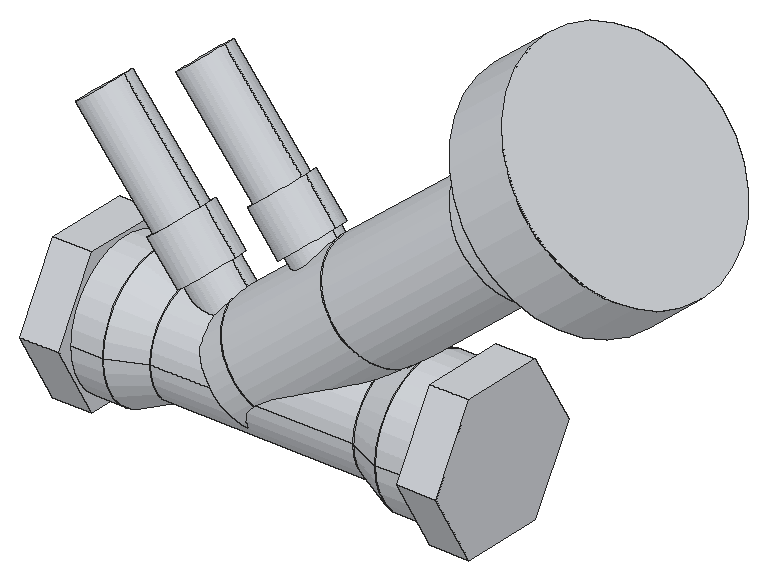
Revit family "D9505-DN32-RFA_2019", category Pipe Accessories, Revit 2019
Family settings
  Round Connector Dimension = Use Diameter
  Part Type = Valve - Breaks Into
  Work Plane-Based = No
  Always vertical = Yes
  Cut with Voids When Loaded = No
  Shared = No
Parameters (values of type "D9505 DN32")
  magiProductId = "a42dead6f7694bcf97a0a9ce0e311e"
  magiProductFamilyId = "283409d322044e8dba8a30d68fed8b"
  magiPartTypeId = 304
  isMeasuringValve [instance] = no
  ang2D [instance] = 0.00°
  W2D = 10 mm
  VersionID = "2.0/2017.10.31.1/VIR_9505_001"
  Use Minimum Symbol Size [instance] = yes
  URL = "http://www.hydronic.cz"
  Type Comments = "závitový; PN25 (-10~+100°C) nebo PN20 (-10~+130°C)"
  RN2 = 20.46 mm
  RN = 24.18 mm
  R7 = 9 mm
  R6 = 7.5 mm
  R5 = 20 mm
  R4 = 17 mm
  R3 = 17.05 mm
  R2 = 20.15 mm
  R1 = 15.5 mm
  QmdConnectorList = "301;D;302;D"
  Productdata [instance] = ""
  NUT1 = no
  Manufacturer = "Hydronic Systems Prague s.r.o."
  MC Product Code = "9505 032 (DN32; PN25 kvs12,0)"
  MC Piping Given Pressure Drop [instance] = 0.0 Pa
  L_2 = 60.5 mm
  L7 = 36 mm
  L6 = 2 mm
  L4 = 15.73 mm
  L3 = 10 mm
  L2__ve = -L2  # -9.5 mm
  L2D_Min = 3048 mm
  L2D = 77 mm
  L2 = 9.5 mm
  L1__ve = -L1  # -11.4 mm
  L1 = 11.4 mm
  HWR = 35 mm
  H8 = 34.8 mm
  H7 = 13.92 mm
  H6 = 24.05 mm
  H5 = 19.05 mm
  H4 = 20 mm
  H3 = 52.753 mm
  H2 = 38 mm
  H1 = 8 mm
  Description = "Ruční vyvažovací ventil závitový; bronzový; DN32; kvs12,0"
  D = 32 mm
  CenSd_RN_6 = RN * cos(30.00°)  # 20.94 mm
  CenSd_RN2_6 = RN2 * cos(30.00°)  # 17.719 mm
  CAT0 = yes
Types (7, lengths in mm): name | magiProductId | RN2 | RN | R4 | R3 | R2 | R1 | MC Product Code | L_2 | L4 | L2__ve | L2 | L1__ve | L1 | H8 | H7 | H6 | H5 | H3 | H2 | H1 | Description | D | CenSd_RN_6 | CenSd_RN2_6
  D9505 DN10 | "f06221e9bc9341508f66871c80ccb9" | 13.2 | 15.6 | 11 | 11 | 13 | 10 | "9505 010 (DN10; PN25 kvs0,97)" | 38.5 | 10.01 | -8 | 8 | -7 | 7 | 27.3 | 10.92 | 18 | 13 | 13.859 | 42 | 4 | "Ruční vyvažovací ventil závitový; bronzový; DN10; kvs0,97" | 10 | 13.51 | 11.432
  D9505 DN15 | "7168eb0cb4024df38c6d32127ca87d" | 14.85 | 17.55 | 12.375 | 12.375 | 14.625 | 11.25 | "9505 015 (DN15; PN25 kvs2,67)" | 45 | 11.7 | -8 | 8 | -8 | 8 | 27 | 10.8 | 19.375 | 14.375 | 12.304 | 41 | 5 | "Ruční vyvažovací ventil závitový; bronzový; DN15; kvs2,67" | 15 | 15.199 | 12.86
  D9505 DN20 | "82f2a7b1fa884f8cafe37fee21fa09" | 16.5 | 19.5 | 13.75 | 13.75 | 16.25 | 12.5 | "9505 020 (DN20; PN25 kvs4,1)" | 51 | 13.26 | -8 | 8 | -9 | 9 | 27 | 10.8 | 20.75 | 15.75 | 12.304 | 40 | 6 | "Ruční vyvažovací ventil závitový; bronzový; DN20; kvs4,1" | 20 | 16.887 | 14.289
  D9505 DN25 | "a5bafb2d780d49b5957b650150642c" | 18.15 | 21.45 | 15.125 | 15.125 | 17.875 | 13.75 | "9505 025 (DN25; PN25 kvs6,4)" | 55 | 14.3 | -9 | 9 | -10 | 10 | 27 | 10.8 | 22.125 | 17.125 | 12.304 | 39 | 7 | "Ruční vyvažovací ventil závitový; bronzový; DN25; kvs6,4" | 25 | 18.576 | 15.718
  D9505 DN32 | "a42dead6f7694bcf97a0a9ce0e311e" | 20.46 | 24.18 | 17 | 17.05 | 20.15 | 15.5 | "9505 032 (DN32; PN25 kvs12,0)" | 60.5 | 15.73 | -9.5 | 9.5 | -11.4 | 11.4 | 34.8 | 13.92 | 24.05 | 19.05 | 52.753 | 38 | 8 | "Ruční vyvažovací ventil závitový; bronzový; DN32; kvs12,0" | 32 | 20.94 | 17.719
  D9505 DN40 | "7d52969a8dcd46c581304e64bff261" | 23.1 | 27.3 | 17 | 19.25 | 22.75 | 17.5 | "9505 040 (DN40; PN25 kvs19,5)" | 71 | 18.46 | -10 | 10 | -13 | 13 | 34.8 | 13.92 | 26.25 | 21.25 | 52.753 | 36 | 10 | "Ruční vyvažovací ventil závitový; bronzový; DN40; kvs19,5" | 40 | 23.642 | 20.005
  D9505 DN50 | "2fc06cc644084f6992b3d357430981" | 26.4 | 31.2 | 17 | 22 | 26 | 20 | "9505 050 (DN50; PN25 kvs29,8)" | 80.5 | 20.93 | -11 | 11 | -15 | 15 | 34.8 | 13.92 | 29 | 24 | 52.753 | 34 | 12 | "Ruční vyvažovací ventil závitový; bronzový; DN50; kvs29,8" | 50 | 27.02 | 22.863
Reference planes
  plane 1 "Center (Front/Back)": y = 0
  plane 2 "XYPLANE": z = 0
  plane 3 "Center (Left/Right)": x = 0
  plane 4 "312": through (-485.972, 0, 579.676) normal (0.766, 0, 0.6428)
  plane 5 "176": through (-605.736, 0, -456.834) normal (-0.6428, 0, 0.766)
  plane 6 "173": through (-600.002, 0, -463.667) normal (-0.6428, 0, 0.766)
  plane 7 "163": x = -15.73
  plane 8 "158": x = 29.6
  plane 9 "157": x = 39.6
  plane 10 "154": x = -29.6
  plane 11 "83": through (-608.95, 0, -453.004) normal (-0.6428, 0, 0.766)
  plane 12 "76": through (-464.523, 0, 597.674) normal (0.766, 0, 0.6428)
  plane 13 "73": through (-596.788, 0, -467.498) normal (-0.6428, 0, 0.766)
  plane 14 "70": through (-584.543, 0, -482.091) normal (-0.6428, 0, 0.766)
  plane 15 "69": y = 0
  plane 16 "68": through (-490.569, 0, 575.819) normal (0.766, 0, 0.6428)
  plane 17 "60": through (-401.131, 0, 650.866) normal (0.766, 0, 0.6428)
  plane 18 "57": through (-416.452, 0, 638.01) normal (0.766, 0, 0.6428)
  plane 19 "54": through (-456.863, 0, 604.102) normal (0.766, 0, 0.6428)
  plane 20 "32": through (-492.101, 0, 574.533) normal (0.766, 0, 0.6428)
  plane 21 "31": y = 0
  plane 22 "30": through (564.523, 0, 482.091) normal (0.6428, 0, -0.766)
  plane 23 "21": x = -39.6
  plane 24 "20": x = 49.1
  plane 25 "19": x = -49.1
  plane 26 "13": x = 0
  plane 27 "11": x = 60.5
  plane 28 "10": x = -60.5
  plane 29 "9": y = 0
  plane 30 "8": z = 0
  plane 31 "65XY": through (-584.543, 0, -482.091) normal (-0.6428, 0, 0.766)
  plane 32 "65XZ": y = 0
  plane 33 "65YZ": through (-492.101, 0, 574.533) normal (0.766, 0, 0.6428)
  plane 34 "27XY": through (-492.101, 0, 574.533) normal (0.766, 0, 0.6428)
  plane 35 "27XZ": y = 0
  plane 36 "27YZ": through (564.523, 0, 482.091) normal (0.6428, 0, -0.766)
Forms (mm)
  Extrusion 1, solid, visible <- "CAT0"
    sketch origin (-492.101, 0, 574.533) x (0.642788, 0, -0.766044) y (0, 1, 0)
      loop
        circle (750, 0) r 17.05
    from 0 to 8 <- "H1"
  Extrusion 2, solid
    sketch origin (-605.736, 0, -456.834) x (0.766044, 0, 0.642788) y (0, 1, 0)
      loop
        circle (786, 0) r 7.5
    from 0 to 34.8 <- "H8"
  Extrusion 3, solid
    sketch origin (-596.788, 0, -467.498) x (0.766044, 0, 0.642788) y (0, 1, 0)
      loop
        circle (786, 0) r 9
    from 0 to 13.92 <- "H7"
  Extrusion 4, solid
    sketch origin (-456.863, 0, 604.102) x (0.642788, 0, -0.766044) y (0, 1, 0)
      loop
        circle (750, 0) r 17
    from 0 to 52.753 <- "H3"
  Extrusion 5, solid, visible <- "NUT1"
    sketch origin (-456.863, 0, 604.102) x (0.642788, 0, -0.766044) y (0, 1, 0)
      loop
        line (750, 20.46) -> (732.281, 10.23) -> (732.281, -10.23) -> (750, -20.46) -> (767.719, -10.23) -> (767.719, 10.23) -> (750, 20.46)
    from 0 to 11.4 <- "L1"
  Blend 6, solid, visible <- "CAT0"
    base sketch origin (-29.6, -750, 0) x (0, 1, 0) y (0, 0, 1)
      loop
        circle (750, 0) r 15.5
    top sketch origin (-29.6, -750, 0) x (0, 1, 0) y (0, 0, 1)
      loop
        circle (750, 0) r 15.5
    from 0 to 59.2
  Blend 7, solid
    base sketch origin (39.6, -750, 0) x (0, 1, 0) y (0, 0, 1)
      loop
        circle (750, 0) r 20.15
    top sketch origin (39.6, -750, 0) x (0, 1, 0) y (0, 0, 1)
      loop
        circle (750, 0) r 15.5
    from 0 to -10
  Blend 8, solid
    base sketch origin (-39.6, -750, 0) x (0, 1, 0) y (0, 0, 1)
      loop
        circle (750, 0) r 20.15
    top sketch origin (-39.6, -750, 0) x (0, 1, 0) y (0, 0, 1)
      loop
        circle (750, 0) r 15.5
    from 0 to 10
  Extrusion 9, solid
    sketch origin (-584.543, 0, -482.091) x (0.766044, 0, 0.642788) y (0, 1, 0)
      loop
        circle (752, 0) r 7.5
    from 0 to 24.05 <- "H6"
  Extrusion 10, solid
    sketch origin (-608.95, 0, -453.004) x (0.766044, 0, 0.642788) y (0, 1, 0)
      loop
        circle (752, 0) r 7.5
    from 0 to 34.8 <- "H8"
  Extrusion 11, solid
    sketch origin (-584.543, 0, -482.091) x (0.766044, 0, 0.642788) y (0, 1, 0)
      loop
        circle (786, 0) r 7.5
    from 0 to 19.05 <- "H5"
  Extrusion 12, solid
    sketch origin (-600.002, 0, -463.667) x (0.766044, 0, 0.642788) y (0, 1, 0)
      loop
        circle (752, 0) r 9
    from 0 to 13.92 <- "H7"
  Extrusion 13, solid, visible <- "CAT0"
    sketch origin (-401.131, 0, 650.866) x (0.642788, 0, -0.766044) y (0, 1, 0)
      loop
        circle (750, 0) r 35
    from 0 to 20 <- "H4"
  Extrusion 14, solid
    sketch origin (-416.452, 0, 638.01) x (0.642788, 0, -0.766044) y (0, 1, 0)
      loop
        circle (750, 0) r 20
    from 0 to 20 <- "H4"
  Extrusion 15, solid
    sketch origin (-485.972, 0, 579.676) x (0.642788, 0, -0.766044) y (0, 1, 0)
      loop
        circle (750, 0) r 17.05
    from 0 to 38 <- "H2"
  Extrusion 16, solid
    sketch origin (49.1, -750, 0) x (0, 1, 0) y (0, 0, 1)
      loop
        circle (750, 0) r 20.15
    from 0 to -9.5 <- "L2__ve"
  Extrusion 17, solid
    sketch origin (-49.1, -750, 0) x (0, 1, 0) y (0, 0, 1)
      loop
        circle (750, 0) r 20.15
    from 0 to 9.5 <- "L2"
  Extrusion 18, solid
    sketch origin (60.5, -750, 0) x (0, 1, 0) y (0, 0, 1)
      loop
        line (725.82, 0) -> (737.91, -20.94) -> (762.09, -20.94) -> (774.18, 0) -> (762.09, 20.94) -> (737.91, 20.94) -> (725.82, 0)
    from 0 to -11.4 <- "L1__ve"
  Extrusion 19, solid
    sketch origin (-60.5, -750, 0) x (0, 1, 0) y (0, 0, 1)
      loop
        line (774.18, 0) -> (762.09, 20.94) -> (737.91, 20.94) -> (725.82, 0) -> (737.91, -20.94) -> (762.09, -20.94) -> (774.18, 0)
    from 0 to 11.4 <- "L1"
  Extrusion 20, solid, not visible
    sketch origin (60.5, -750, 0) x (0, 1, 0) y (0, 0, 1)
      loop
        circle (750, 0) r 10
    from 0 to -10
  Extrusion 21, solid, not visible
    sketch origin (-60.5, -750, 0) x (0, 1, 0) y (0, 0, 1)
      loop
        circle (750, 0) r 10
    from 0 to 10
Lines and regions (mm)
  reference lines, not visible
    curve 1: circle (2, 2, 0) r 1 normal (0, 0, 1)
  reference lines
    curve 2: line (25.228, 0, 29.568) -> (28.902, -3.3, 25.19)
    curve 3: line (25.228, 0, 29.568) -> (25.228, -6.6, 29.568)
    curve 4: line (25.228, 0, 29.568) -> (21.554, -3.3, 33.947)
    curve 5: line (60.5, 0, 0) -> (60.5, 3.9, -6.755)
    curve 6: line (60.5, 0, 0) -> (60.5, 7.8, 0)
    curve 7: line (60.5, 0, 0) -> (60.5, 3.9, 6.755)
    curve 8: line (-60.5, 0, 0) -> (-60.5, -3.9, -6.755)
    curve 9: line (-60.5, 0, 0) -> (-60.5, -7.8, 0)
    curve 10: line (-60.5, 0, 0) -> (-60.5, -3.9, 6.755)
Dimensions and locks
  plane 1 "Center (Front/Back)" to curve 1 = 2 mm
  "H1": plane 20 "32" to plane 4 "312"
  "H7": plane 13 "73" to plane 5 "176"
  "H6": plane 14 "70" to plane 6 "173"
  "L4": plane 26 "13" to plane 7 "163"
  "L3": plane 9 "157" to plane 8 "158"
  "L2": plane 24 "20" to plane 9 "157"
  "L3": plane 23 "21" to plane 10 "154"
  "H7": plane 6 "173" to plane 11 "83"
  "L7": plane 33 "65YZ" to plane 12 "76"
  "H5": plane 14 "70" to plane 13 "73"
  locked: plane 31 "65XY" to plane 14 "70" at 0
  locked: plane 29 "9" to plane 15 "69"
  "L6": plane 33 "65YZ" to plane 16 "68"
  "H4": plane 18 "57" to plane 17 "60"
  "H3": plane 19 "54" to plane 18 "57"
  "H2": plane 4 "312" to plane 19 "54"
  locked: plane 34 "27XY" to plane 20 "32" at 0
  locked: plane 29 "9" to plane 21 "31"
  locked: plane 36 "27YZ" to plane 22 "30"
  "L2": plane 25 "19" to plane 23 "21"
  "L1": plane 27 "11" to plane 24 "20"
  "L1": plane 28 "10" to plane 25 "19"
  locked: plane 3 "Center (Left/Right)" to plane 26 "13"
  "L_2": plane 3 "Center (Left/Right)" to plane 27 "11"
  "L_2": plane 3 "Center (Left/Right)" to plane 28 "10"
  locked: plane 1 "Center (Front/Back)" to plane 29 "9"
  locked: plane 2 "XYPLANE" to plane 30 "8"
  "CenSd_RN2_6": curve 2 to Extrusion 5 sketch curve  (x2)
  "CenSd_RN2_6": curve 3 to Extrusion 5 sketch curve  (x2)
  "CenSd_RN2_6": curve 4 to Extrusion 5 sketch curve  (x2)
  Extrusion 5 sketch curve to Extrusion 5 sketch curve = 0 mm  (x12)
  "CenSd_RN_6": curve 5 to Extrusion 18 sketch curve  (x2)
  "CenSd_RN_6": curve 6 to Extrusion 18 sketch curve  (x2)
  "CenSd_RN_6": curve 7 to Extrusion 18 sketch curve  (x2)
  Extrusion 18 sketch curve to Extrusion 18 sketch curve = 0 mm  (x12)
  "CenSd_RN_6": curve 8 to Extrusion 19 sketch curve  (x2)
  "CenSd_RN_6": curve 9 to Extrusion 19 sketch curve  (x2)
  "CenSd_RN_6": curve 10 to Extrusion 19 sketch curve  (x2)
  Extrusion 19 sketch curve to Extrusion 19 sketch curve = 0 mm  (x12)
  "R3": radius of Extrusion 1 sketch curve
  "R6": radius of Extrusion 2 sketch curve
  "R7": radius of Extrusion 3 sketch curve
  "R4": radius of Extrusion 4 sketch curve
  "R1": radius of Blend 6 sketch curve  (x2)
  "R1": radius of Blend 7 sketch curve
  "R2": radius of Blend 7 sketch curve
  "R1": radius of Blend 8 sketch curve
  "R2": radius of Blend 8 sketch curve
  "R6": radius of Extrusion 9 sketch curve
  "R6": radius of Extrusion 10 sketch curve
  "R6": radius of Extrusion 11 sketch curve
  "R7": radius of Extrusion 12 sketch curve
  "HWR": radius of Extrusion 13 sketch curve
  "R5": radius of Extrusion 14 sketch curve
  "R3": radius of Extrusion 15 sketch curve
  "R2": radius of Extrusion 16 sketch curve
  "R2": radius of Extrusion 17 sketch curve
  locked: curve 3 to curve 2 (angle 60.00°)
  locked: curve 4 to curve 3 (angle 60.00°)
  locked: curve 4 to curve 2 (angle 120.00°)
  locked: curve 6 to curve 5 (angle 60.00°)
  locked: curve 7 to curve 6 (angle 60.00°)
  locked: curve 7 to curve 5 (angle 120.00°)
  locked: curve 9 to curve 8 (angle 60.00°)
  locked: curve 10 to curve 9 (angle 60.00°)
  locked: curve 10 to curve 8 (angle 120.00°)
  aligned and locked: level to plane 2 "XYPLANE"
  aligned and locked: plane 21 "31" to Extrusion 1 sketch curve
  aligned and locked: Extrusion 1 sketch curve to plane 22 "30"
  aligned and locked: Extrusion 2 sketch curve to plane 12 "76"
  aligned and locked: plane 15 "69" to Extrusion 2 sketch curve
  aligned and locked: Extrusion 3 sketch curve to plane 12 "76"
  aligned and locked: plane 15 "69" to Extrusion 3 sketch curve
  aligned and locked: plane 21 "31" to Extrusion 4 sketch curve
  aligned and locked: Extrusion 4 sketch curve to plane 22 "30"
  aligned and locked: curve 2 to plane 22 "30"
  aligned and locked: plane 21 "31" to curve 3
  aligned and locked: Blend 6 sketch curve to plane 29 "9"  (x2)
  aligned and locked: plane 30 "8" to Blend 6 sketch curve  (x2)
  aligned and locked: plane 8 "158" to Blend 6
  aligned and locked: Blend 7 sketch curve to plane 29 "9"  (x2)
  aligned and locked: plane 30 "8" to Blend 7 sketch curve  (x2)
  aligned and locked: Blend 7 to plane 8 "158"
  aligned and locked: Blend 8 sketch curve to plane 29 "9"  (x2)
  aligned and locked: plane 30 "8" to Blend 8 sketch curve  (x2)
  aligned and locked: plane 10 "154" to Blend 8
  aligned and locked: plane 15 "69" to Extrusion 9 sketch curve
  aligned and locked: Extrusion 9 sketch curve to plane 16 "68"
  aligned and locked: plane 15 "69" to Extrusion 10 sketch curve
  aligned and locked: Extrusion 10 sketch curve to plane 16 "68"
  aligned and locked: Extrusion 11 sketch curve to plane 12 "76"
  aligned and locked: plane 15 "69" to Extrusion 11 sketch curve
  aligned and locked: plane 15 "69" to Extrusion 12 sketch curve
  aligned and locked: Extrusion 12 sketch curve to plane 16 "68"
  aligned and locked: plane 21 "31" to Extrusion 13 sketch curve
  aligned and locked: Extrusion 13 sketch curve to plane 22 "30"
  aligned and locked: plane 21 "31" to Extrusion 14 sketch curve
  aligned and locked: Extrusion 14 sketch curve to plane 22 "30"
  aligned and locked: plane 21 "31" to Extrusion 15 sketch curve
  aligned and locked: Extrusion 15 sketch curve to plane 22 "30"
  aligned and locked: Extrusion 16 sketch curve to plane 29 "9"
  aligned and locked: plane 30 "8" to Extrusion 16 sketch curve
  aligned and locked: Extrusion 17 sketch curve to plane 29 "9"
  aligned and locked: plane 30 "8" to Extrusion 17 sketch curve
  aligned and locked: curve 7 to plane 29 "9"
  aligned and locked: plane 30 "8" to curve 7
  aligned and locked: curve 10 to plane 29 "9"
  aligned and locked: plane 30 "8" to curve 10
  aligned and locked: Extrusion 20 sketch curve to plane 29 "9"
  aligned and locked: plane 30 "8" to Extrusion 20 sketch curve
  aligned and locked: Extrusion 21 sketch curve to plane 29 "9"
  aligned and locked: plane 30 "8" to Extrusion 21 sketch curve
Automatic sketch dimensions
  plane 1 "Center (Front/Back)" to Extrusion 20 sketch curve = 10 mm
  plane 1 "Center (Front/Back)" to Extrusion 21 sketch curve = 10 mm
  plane 3 "Center (Left/Right)" to curve 1 = 2 mm
  radius of curve 1 = 1 mm
Connectors
  piping at (-60.5, 0, 0), diameter 32, driven by "D"
    settings: on Extrusion 21, index 1, connector inside diameter 609.6 mm, connector length 0 mm, flow factor 0, pipe flow 0.0 L/s, pressure drop 0.0 Pa, fitting loss kfactor 0, connector angle 0.00°, fixture units 0, engagement length 0 mm, angle of deflection 0.00°, flow configuration 0, flow direction 0, fitting loss method 0, system type 29, joint type 0, gender type 0, connector reference index 2, connector utility 0, adjustable connector no, is connector primary yes, connector description ""
  piping at (60.5, 0, 0), diameter 32, driven by "D"
    settings: on Extrusion 20, index 2, connector inside diameter 609.6 mm, connector length 0 mm, flow factor 0, pipe flow 0.0 L/s, pressure drop 0.0 Pa, fitting loss kfactor 0, connector angle 0.00°, fixture units 0, engagement length 0 mm, angle of deflection 0.00°, flow configuration 0, flow direction 0, fitting loss method 0, system type 29, joint type 0, gender type 0, connector reference index 1, connector utility 0, adjustable connector no, is connector primary no, connector description ""
